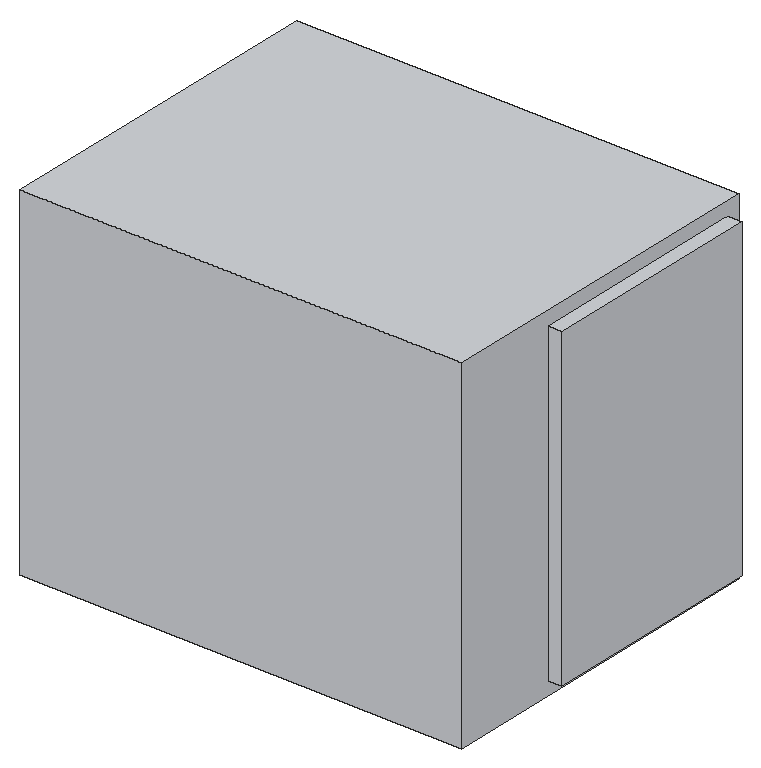
Revit family "M_Filtro AHU - Cartucho", category Equipamento mecânico, Revit 2019
Family settings
  Cota do conector redondo = Utilizar diâmetro
  Tipo de parte = Normal
  Número OmniClass = 23.75.35.14
  Título OmniClass = Air Handling Units
  ID de item do Seek = AHU Filter - Cartridge-0000-CAN-ENU
  Com base no plano de trabalho = Não
  Sempre na vertical = Sim
  Corte com vazios quando carregada = Não
  Compartilhado = Não
  Ponto de cálculo do ambiente = Não
Parameters (values of type "Para 0,3 metros quadrados de serpentina")
  Queda de pressão [instance] = 125.0 Pa
  Comprimento 2 = Altura do duto / 2  # 312.5 mm
  Comprimento 1 = Comprimento do filtro / 2  # 400 mm
  Largura do filtro = 625 mm
  Material do filtro = none
  Comprimento do filtro = 800 mm
  Altura do filtro = 625 mm
  Largura do duto = 800 mm
  Altura do duto = 625 mm
  Velocidade do ar [instance] = 2.54 m/s
  Fluxo de ar [instance] = Velocidade do ar * Altura do duto * Largura do duto  # 1270.0 L/s
Types (17, lengths in mm): name | Comprimento 2 | Comprimento 1 | Largura do filtro | Comprimento do filtro | Altura do filtro | Largura do duto | Altura do duto | Fluxo de ar
  (no name) | 312.5 | 400 | 625 | 800 | 625 | 800 | 625 | 1270.0 L/s
  Para 0,3 metros quadrados de serpentina | 312.5 | 400 | 625 | 800 | 625 | 800 | 625 | 1270.0 L/s
  Para 0,6 metros quadrados de serpentina | 350 | 550 | 700 | 1100 | 700 | 1100 | 700 | 1955.8 L/s
  Para 0,7 metros quadrados de serpentina | 400 | 600 | 800 | 1200 | 800 | 1200 | 800 | 2438.4 L/s
  Para 0,9 metros quadrados de serpentina | 425 | 750 | 850 | 1500 | 850 | 1500 | 850 | 3238.5 L/s
  Para 1,1 metros quadrados de serpentina | 475 | 800 | 850 | 1600 | 950 | 1600 | 950 | 3860.8 L/s
  Para 1,3 metros quadrados de serpentina | 500 | 850 | 850 | 1700 | 1000 | 1700 | 1000 | 4318.0 L/s
  Para 1,6 metros quadrados de serpentina | 550 | 925 | 850 | 1850 | 1100 | 1850 | 1100 | 5168.9 L/s
  Para 2,0 metros quadrados de serpentina | 625 | 950 | 850 | 1900 | 1250 | 1900 | 1250 | 6032.5 L/s
  Para 2,3 metros quadrados de serpentina | 700 | 975 | 1000 | 1950 | 1400 | 1950 | 1400 | 6934.2 L/s
  Para 2,8 metros quadrados de serpentina | 700 | 1150 | 1000 | 2300 | 1400 | 2300 | 1400 | 8178.8 L/s
  Para 3,3 metros quadrados de serpentina | 775 | 1200 | 1200 | 2400 | 1550 | 2400 | 1550 | 9448.8 L/s
  Para 3,8 metros quadrados de serpentina | 775 | 1375 | 1200 | 2750 | 1550 | 2750 | 1550 | 10826.8 L/s
  Para 4,6 metros quadrados de serpentina | 925 | 1500 | 1200 | 3000 | 1850 | 3000 | 1850 | 14097.0 L/s
  Para 6,1 metros quadrados de serpentina | 1150 | 1725 | 750 | 3450 | 2300 | 3500 | 2300 | 20447.0 L/s
  Para 7,4 metros quadrados de serpentina | 1375 | 1725 | 1350 | 3450 | 2750 | 3500 | 2750 | 24447.5 L/s
  Para 9,3 metros quadrados de serpentina | 1500 | 1900 | 750 | 3800 | 3000 | 3850 | 3000 | 29337.0 L/s
Reference planes
  plane 1 "Centro (Frente/Trás)": y = 0
  plane 2: z = 0
  plane 3 "Centro (Esquerda/Direita)": x = 0
  plane 4: x = -400
  plane 5: x = 400
  plane 6: y = 625
  plane 7: z = 625
  plane 8: y = 599.6
  plane 9: z = 599.6
  plane 10: z = 25.4
  plane 11: y = 193.2
  plane 12: x = 425.4
  plane 13: x = -425.4
  plane 14: x = -400
  plane 15: x = 400
  plane 16: z = 625
  plane 17: z = 0
  plane 18: z = 312.5
Forms (mm)
  Extrusion 1, solid, material <- "Material do filtro", detail levels medium+fine
    sketch origin (0, 0, 0) x (1, 0, 0) y (0, 1, 0)
      loop
        line (-400, 625) -> (-400, 0) -> (400, 0) -> (400, 625) -> (-400, 625)
    from 0 to 625
  Extrusion 2, solid, material <- "Material do filtro", detail levels medium+fine
    sketch origin (0, 0, 0) x (0, 1, 0) y (0, 0, 1)
      loop
        line (193.2, 599.6) -> (193.2, 25.4) -> (599.6, 25.4) -> (599.6, 599.6) -> (193.2, 599.6)
    from 400 to 425.4
  Extrusion 3, solid, material <- "Material do filtro", detail levels medium+fine
    sketch origin (0, 0, 0) x (0, 1, 0) y (0, 0, 1)
      loop
        line (599.6, 599.6) -> (193.2, 599.6) -> (193.2, 25.4) -> (599.6, 25.4) -> (599.6, 599.6)
    from -425.4 to -400
  Extrusion 4, solid, material <- "Material do filtro", detail levels coarse
    sketch origin (0, 0, 0) x (1, 0, 0) y (0, 1, 0)
      loop
        line (-425.4, 625) -> (-425.4, 0) -> (425.4, 0) -> (425.4, 625) -> (-425.4, 625)
    from 0 to 625
Cuts and joins
  joined: Extrusion 1, Extrusion 2, Extrusion 3
Dimensions and locks
  equal spacing: plane 4, plane 3 "Centro (Esquerda/Direita)", plane 5
  "Largura do filtro": plane 6 to plane 1 "Centro (Frente/Trás)"
  "Comprimento 1": plane 3 "Centro (Esquerda/Direita)" to plane 5
  "Altura do filtro": plane 7 to plane 2
  locked: plane 8 to plane 6 at 25.4
  locked: plane 7 to plane 9 at 25.4
  locked: plane 10 to plane 2 at 25.4
  locked: plane 11 to plane 8 at 406.4
  locked: plane 5 to plane 12 at 25.4
  locked: plane 13 to plane 4 at 25.4
  equal spacing: plane 15, plane 3 "Centro (Esquerda/Direita)", plane 14
  "Largura do duto": plane 15 to plane 14
  equal spacing: plane 7, plane 18, plane 2
  "Comprimento 2": plane 16 to plane 18
  aligned and locked: plane 7 to Extrusion 1
  aligned and locked: plane 1 "Centro (Frente/Trás)" to Extrusion 1
  aligned and locked: Extrusion 1 to plane 2
  aligned and locked: plane 6 to Extrusion 1
  aligned and locked: plane 12 to Extrusion 2
  aligned and locked: plane 8 to Extrusion 2
  aligned and locked: Extrusion 2 to plane 5
  aligned and locked: Extrusion 2 to plane 11
  aligned and locked: Extrusion 3 to plane 13
  aligned and locked: plane 8 to Extrusion 3
  aligned and locked: plane 4 to Extrusion 3
  aligned and locked: Extrusion 3 to plane 11
  aligned and locked: Extrusion 4 to plane 13  (x2)
  aligned and locked: plane 6 to Extrusion 4  (x2)
  aligned and locked: plane 12 to Extrusion 4
  aligned and locked: plane 1 "Centro (Frente/Trás)" to Extrusion 4
  aligned and locked: plane 6 to cut or joined group of Extrusion 1, Extrusion 2, Extrusion 3
  aligned and locked: Extrusion 4 to plane 17
  aligned and locked: plane 1 "Centro (Frente/Trás)" to cut or joined group of Extrusion 1, Extrusion 2, Extrusion 3
  aligned and locked: plane 7 to Extrusion 4
Automatic sketch dimensions
  Extrusion 1 sketch curve to plane 1 "Centro (Frente/Trás)" = 0 mm
  Extrusion 1 sketch curve to plane 4 = 0 mm
  Extrusion 1 sketch curve to plane 5 = 0 mm
  Extrusion 1 sketch curve to plane 6 = 0 mm
  Extrusion 2 sketch curve to plane 10 = 0 mm
  Extrusion 2 sketch curve to plane 9 = 0 mm
  Extrusion 2 sketch curve to plane 11 = 0 mm
  Extrusion 2 sketch curve to plane 8 = 0 mm
  Extrusion 3 sketch curve to plane 11 = 0 mm
  Extrusion 3 sketch curve to plane 8 = 0 mm
  Extrusion 3 sketch curve to plane 10 = 0 mm
  Extrusion 3 sketch curve to plane 9 = 0 mm
  Extrusion 4 sketch curve to plane 13 = 0 mm
  plane 6 to Extrusion 4 sketch curve = 0 mm
  Extrusion 4 sketch curve to plane 12 = 0 mm
  Extrusion 4 sketch curve to plane 1 "Centro (Frente/Trás)" = 0 mm
Connectors
  hvac at (0, 0, 312.5), driven by "Altura do duto", driven by "Largura do duto", driven by "Fluxo de ar"
    settings: on Extrusion 1, index 1, duct flow 1270.0 L/s, flow factor 0, pres drop 0.0 Pa, loss coef 0, conn angle 0.00°, conn width 800 mm, conn height 625 mm, conn diameter 609.6 mm, duct sys type 1, conn prof type 1, flow config 0, flow direction 0, loss method 0, conn ref index 2, conn util no, is conn primary yes, conn desc ""
  hvac at (0, 625, 312.5), driven by "Altura do duto", driven by "Largura do duto", driven by "Queda de pressão", driven by "Fluxo de ar"
    settings: on Extrusion 1, index 2, duct flow 1270.0 L/s, flow factor 0, pres drop 125.0 Pa, loss coef 0, conn angle 0.00°, conn width 800 mm, conn height 625 mm, conn diameter 609.6 mm, duct sys type 1, conn prof type 1, flow config 0, flow direction 0, loss method 4, conn ref index 1, conn util no, is conn primary no, conn desc ""
